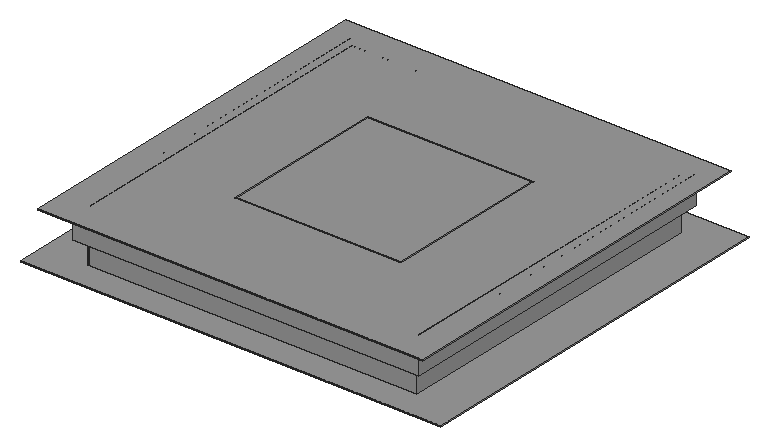
Revit family "Unterflur-Gerätedose UGD 350-3 4", category Generic Models, Revit 2017
Family settings
  Can host rebar = No
  Round Connector Dimension = Use Diameter
  Part Type = Normal
  Work Plane-Based = No
  Always vertical = Yes
  Cut with Voids When Loaded = No
  Shared = No
  Room Calculation Point = No
Parameters (values of type "UGD 350-3 4")
  URL = "http://www.obo-bettermann.com"
  Material = Strip galvanised
  Manufacturer Art.No. = "7410104"
  Manufacturer = "OBO BETTERMANN"
  GTIN = "4012195431763"
  Article Type = "UGD 350-3 4"
Reference planes
  plane 1 "Center (Front/Back)": y = 0
  plane 2: z = 0
  plane 3 "Center (Left/Right)": x = 0
  plane 4: z = 1
  plane 5: x = 255
  plane 6: y = 233.5
  plane 7: y = 433.5
  plane 8: y = 33.5
  plane 9: x = 455
  plane 10: x = 55
  plane 11: z = 64
  plane 12: x = 255
  plane 13: y = 233.5
  plane 14: y = 443.5
  plane 15: y = 23.5
  plane 16: x = 465
  plane 17: x = 45
  plane 18: z = 29
  plane 19: x = 21.5
  plane 20: x = 488.5
  plane 21: z = 65
  plane 22: y = 334
  plane 23: y = 133
  plane 24: x = 154.5
  plane 25: x = 355.5
Forms (mm)
  Extrusion 1, solid, material "Strip galvanised"
    sketch origin (0, 0, 0) x (1, 0, 0) y (0, 1, 0)
      loop
        line (0, 0) -> (510, 0) -> (510, 467) -> (0, 467) -> (0, 0)
    from 0 to 1
  Extrusion 2, solid, material "Strip galvanised" <- "Material"
    sketch origin (0, 0, 0) x (1, 0, 0) y (0, 1, 0)
      loop
        line (55, 433.5) -> (55, 33.5) -> (455, 33.5) -> (455, 433.5) -> (55, 433.5)
      loop
        line (56, 432.5) -> (56, 34.5) -> (454, 34.5) -> (454, 432.5) -> (56, 432.5)
    from 1 to 64
  Extrusion 3, solid, material "Strip galvanised" <- "Material"
    sketch origin (0, 0, 0) x (1, 0, 0) y (0, 1, 0)
      loop
        line (45, 443.5) -> (45, 23.5) -> (465, 23.5) -> (465, 443.5) -> (45, 443.5)
      loop
        line (46, 442.5) -> (46, 24.5) -> (464, 24.5) -> (464, 442.5) -> (46, 442.5)
    from 29 to 64
  Extrusion 4, solid, material "Strip galvanised" <- "Material"
    sketch origin (0, 0, 0) x (1, 0, 0) y (0, 1, 0)
      loop
        line (21.5, 467) -> (21.5, 0) -> (488.5, 0) -> (488.5, 467) -> (21.5, 467)
    from 64 to 65
  Extrusion 5, void
    sketch origin (0, 0, 0) x (1, 0, 0) y (0, 1, 0)
      loop
        line (154.5, 334) -> (154.5, 133) -> (355.5, 133) -> (355.5, 334) -> (154.5, 334)
      loop
        line (155.5, 333) -> (155.5, 134) -> (354.5, 134) -> (354.5, 333) -> (155.5, 333)
    from 64 to 65
Cuts and joins
  Extrusion 5 cuts Extrusion 1
  Extrusion 5 cuts Extrusion 4
Dimensions and locks
  locked: Extrusion 1 sketch curve to Extrusion 1 sketch curve at 467
  locked: Extrusion 1 sketch curve to Extrusion 1 sketch curve at 510
  locked: Extrusion 1 to plane 4 at 1
  locked: Extrusion 1 to plane 6 at 233.5
  locked: Extrusion 1 to plane 5 at 255
  locked: Extrusion 2 sketch curve to Extrusion 2 sketch curve at 400  (x2)
  locked: Extrusion 2 sketch curve to Extrusion 2 sketch curve at 398  (x2)
  locked: Extrusion 1 to plane 13 at 233.5
  locked: Extrusion 1 to plane 12 at 255
  locked: plane 14 to plane 13 at 210
  locked: plane 13 to plane 15 at 210
  locked: plane 17 to plane 12 at 210
  locked: plane 12 to plane 16 at 210
  locked: Extrusion 3 sketch curve to Extrusion 3 sketch curve at 420  (x2)
  locked: Extrusion 3 sketch curve to Extrusion 3 sketch curve at 418  (x2)
  locked: plane 18 to Extrusion 3 at 35
  plane 19 to plane 12 = 233.5 mm
  locked: plane 12 to plane 20 at 233.5
  locked: Extrusion 1 to Extrusion 1 at 467
  locked: Extrusion 4 sketch curve to Extrusion 4 sketch curve at 467
  locked: plane 22 to plane 13 at 100.5
  locked: plane 13 to plane 23 at 100.5
  locked: plane 12 to plane 25 at 100.5
  locked: plane 24 to plane 12 at 100.5
  aligned and locked: level to plane 2
  aligned and locked: Extrusion 1 to plane 4
  aligned and locked: plane 11 to Extrusion 2
  aligned and locked: Extrusion 2 to Extrusion 1
  aligned and locked: Extrusion 3 to plane 18
  aligned and locked: Extrusion 4 to Extrusion 2
  aligned and locked: Extrusion 4 to plane 21
  aligned and locked: Extrusion 5 to Extrusion 2
  aligned and locked: Extrusion 5 to plane 21
